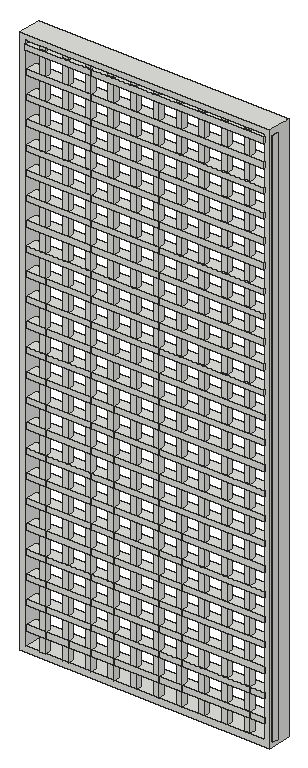
Revit family "НЕВАТОМ_Решетка защитная VR-KP AxB, Версия 1", category Арматура воздуховодов, Revit 2017
Family settings
  Размер круглого соединителя = Использовать диаметр
  Тип детали = Вставляется
  На основе рабочей плоскости = Нет
  Всегда вертикально = Нет
  При загрузке вырезать с полостями = Нет
  Общий = Нет
Parameters (values of type "VR-KP 355-2,2/3000")
  шаг верт = 20 mm
  шаг [instance] = 20 mm
  толщина = 20 mm
  т = 12.5 mm
  материал [instance] = Сталь оцинкованная
  массив горизонт [instance] = 24
  массив верт [instance] = 11
  В1 = 211 mm
  ADSK_Количество = 1  # constant formula
  A ширина = 221 mm
  B длина = 490 mm
  Nevatom_URL = "https://t.me/NEVATOM_Bim_bot"
  ADSK_Позиция = ""
  ADSK_Наименование = "Защитная решетка для козырька "  # constant formula
  ADSK_Марка = "VR-KP-355-2,2/3000"
  ADSK_Код изделия = ""
  ADSK_Завод-изготовитель = "НЕВАТОМ"  # constant formula
  ADSK_Единица измерения = "шт."
  A1 = 480 mm
Types (13, lengths in mm): name | массив горизонт | массив верт | В1 | A ширина | B длина | ADSK_Марка | A1
  (no name) | 24 | 11 | 211 | 221 | 490 | "VR-KP-355-2,2/3000" | 480
  VR-KP 250-0,55/3000 | 19 | 7 | 132 | 142 | 390 | "VR-KP-250-0,55/3000" | 380
  VR-KP 280-0,75/3000 | 19 | 8 | 159 | 169 | 390 | "VR-KP-280-0,75/3000" | 380
  VR-KP 315-1,5/3000 | 24 | 9 | 186 | 196 | 490 | "VR-KP 315-1,5/3000" | 480
  VR-KP 355-2,2/3000 | 24 | 11 | 211 | 221 | 490 | "VR-KP-355-2,2/3000" | 480
  VR-KP 400-0,55/1500 | 31 | 11 | 225 | 235 | 640 | "VR-KP-400-0,55/1500" | 630
  VR-KP 450-0,75/1500 | 31 | 13 | 248 | 258 | 640 | "VR-KP-450-0,75/1500" | 630
  VR-KP 500-0,37/1000 | 39 | 13 | 277 | 287 | 790 | "VR-KP-500-0,37/1000" | 780
  VR-KP 560-1,1/1000 | 39 | 16 | 324 | 334 | 790 | "VR-KP-560-1,1/1000" | 780
  VR-KP 560-3/1500 | 39 | 17 | 334 | 344 | 790 | "VR-KP-560-3/1500" | 780
  VR-KP 630-1,5/1000 | 48 | 17 | 360 | 370 | 990 | "VR-KP-630-1,5/1000" | 980
  VR-KP 630-5,5/1500 | 48 | 19 | 390 | 400 | 990 | "VR-KP-630-5,5/1500" | 980
  VR-KP 710-3/1000 | 48 | 22 | 429 | 439 | 990 | "VR-KP-710-3/1000" | 980
Reference planes
  plane 1 "По центру (Вперед/Назад)": y = 0
  plane 2: z = 0
  plane 3 "По центру (Влево/Вправо)": x = 0
  plane 4: x = -110.5
  plane 5: x = 110.5
  plane 6: z = 245
  plane 7: z = -245
  plane 8: z = -452.5
  plane 9: x = -452.5
  plane 10: x = 452.5
  plane 11: z = 452.5
  plane 12: y = -20
  plane 13: z = 240
  plane 14: z = -240
  plane 15: x = 105.5
  plane 16: x = -105.5
  plane 17: z = -227.5
  plane 18: z = -207.5
  plane 19: x = -93
  plane 20: x = -73
Forms (mm)
  Extrusion 1, solid, material "Сталь оцинкованная" <- "материал"
    sketch origin (0, 0, 0) x (1, 0, 0) y (0, 0, 1)
      loop
        line (-110.5, 245) -> (-110.5, -245) -> (110.5, -245) -> (110.5, 245) -> (-110.5, 245)
      loop
        line (-105.5, 240) -> (-105.5, -240) -> (105.5, -240) -> (105.5, 240) -> (-105.5, 240)
    from 0 to 20
Dimensions and locks
  equal spacing: plane 5, plane 3 "По центру (Влево/Вправо)", plane 4
  equal spacing: plane 6, level, plane 7
  "A ширина": plane 5 to plane 4
  "B длина": plane 6 to plane 7
  equal spacing: plane 10, plane 3 "По центру (Влево/Вправо)", plane 9
  plane 10 to plane 9 = 905 mm
  equal spacing: plane 11, level, plane 8
  locked: plane 11 to plane 8 at 905
  "толщина": plane 1 "По центру (Вперед/Назад)" to plane 12
  equal spacing: plane 16, plane 3 "По центру (Влево/Вправо)", plane 15
  equal spacing: plane 13, level, plane 14
  "В1": plane 16 to plane 15
  "A1": plane 13 to plane 14
  equal spacing: group 1, group 2, group 3, group 4, group 5, group 11, group 12, group 15, group 16, group 17, group 18, group 19, group 20, group 21, group 22, group 23, group 24, group 25, group 26, group 27, group 28, group 29, group 30, group 31  (x2)
  equal spacing: group 31, group 30, group 29, group 28, group 27, group 26, group 25, group 24, group 23, group 22, group 21, group 20, group 19, group 18, group 17, group 16, group 15, group 12, group 11, group 5, group 4, group 3, group 2, group 1
  "шаг": plane 18 to plane 17
  "шаг верт": plane 20 to plane 19
  equal spacing: group 6, group 7, group 8, group 9, group 10, group 13, group 14, group 32, group 33, group 34, group 35  (x3)
  "т": plane 16 to plane 19
  "т": plane 17 to plane 14
  aligned and locked: level to plane 2
  aligned and locked: Extrusion 1 to plane 6
  aligned and locked: Extrusion 1 to plane 5
  aligned and locked: plane 7 to Extrusion 1  (x2)
  aligned and locked: plane 4 to Extrusion 1
  aligned and locked: Extrusion 1 to plane 1 "По центру (Вперед/Назад)"
  aligned and locked: Extrusion 1 to plane 13
  aligned and locked: plane 14 to Extrusion 1
  aligned and locked: Extrusion 1 to plane 16
  aligned and locked: plane 15 to Extrusion 1
  aligned and locked: plane 3 "По центру (Влево/Вправо)" to nested 1
  aligned and locked: nested 1 to plane 12
  aligned and locked: plane 17 to nested 1
  aligned and locked: nested 1 to plane 17
  aligned and locked: nested 2 to plane 18
  aligned and locked: nested 6 to plane 19
  aligned and locked: nested 6 to plane 12
  aligned and locked: plane 13 to nested 6
  aligned and locked: nested 6 to plane 14
  aligned and locked: nested 7 to plane 20
Automatic sketch dimensions
  plane 4 to Extrusion 1 sketch curve = 0 mm
  Extrusion 1 sketch curve to plane 5 = 0 mm
  Extrusion 1 sketch curve to plane 5 = 5 mm
  plane 7 to Extrusion 1 sketch curve = 5 mm
  plane 7 to Extrusion 1 sketch curve = 0 mm
  Extrusion 1 sketch curve to plane 6 = 0 mm
  plane 9 to Extrusion 1 sketch curve = 347 mm
  Extrusion 1 sketch curve to plane 11 = 212.5 mm
Nested families
  nested 1: "НЕВАТОМ_Решетка горизонт, версия 1" at (0, -20, -225), толщина решетки <- "В1", type "НЕВАТОМ_Решетка горизонт, версия 1"
    with ширина решетки 10.367 mm, толщина решетки 211 mm
  nested 2: "НЕВАТОМ_Решетка горизонт, версия 1" at (0, -20.028, -205), толщина решетки <- "В1", type "НЕВАТОМ_Решетка горизонт, версия 1"
    with ширина решетки 10.367 mm, толщина решетки 211 mm
  nested 3: "НЕВАТОМ_Решетка горизонт, версия 1" at (0, -20.056, -185), толщина решетки <- "В1", type "НЕВАТОМ_Решетка горизонт, версия 1"
    with ширина решетки 10.367 mm, толщина решетки 211 mm
  nested 4: "НЕВАТОМ_Решетка горизонт, версия 1" at (0, -20.085, -165), толщина решетки <- "В1", type "НЕВАТОМ_Решетка горизонт, версия 1"
    with ширина решетки 10.367 mm, толщина решетки 211 mm
  nested 5: "НЕВАТОМ_Решетка горизонт, версия 1" at (0, -20.113, -145), толщина решетки <- "В1", type "НЕВАТОМ_Решетка горизонт, версия 1"
    with ширина решетки 10.367 mm, толщина решетки 211 mm
  nested 6: "НЕВАТОМ_Решетка верт, версия 1" at (-90.5, -20, 0), длина решетки верт <- "A1", type "НЕВАТОМ_Решетка верт, версия 1"
    with ширина решетки 5 mm, толщина решетки верт 5 mm, длина решетки верт 480 mm
  nested 7: "НЕВАТОМ_Решетка верт, версия 1" at (-70.5, -19.897, 0), длина решетки верт <- "A1", type "НЕВАТОМ_Решетка верт, версия 1"
    with ширина решетки 5 mm, толщина решетки верт 5 mm, длина решетки верт 480 mm
  nested 8: "НЕВАТОМ_Решетка верт, версия 1" at (-50.5, -19.795, 0), длина решетки верт <- "A1", type "НЕВАТОМ_Решетка верт, версия 1"
    with ширина решетки 5 mm, толщина решетки верт 5 mm, длина решетки верт 480 mm
  nested 9: "НЕВАТОМ_Решетка верт, версия 1" at (-30.5, -19.692, 0), длина решетки верт <- "A1", type "НЕВАТОМ_Решетка верт, версия 1"
    with ширина решетки 5 mm, толщина решетки верт 5 mm, длина решетки верт 480 mm
  nested 10: "НЕВАТОМ_Решетка верт, версия 1" at (-10.5, -19.589, 0), длина решетки верт <- "A1", type "НЕВАТОМ_Решетка верт, версия 1"
    with ширина решетки 5 mm, толщина решетки верт 5 mm, длина решетки верт 480 mm
  nested 11: "НЕВАТОМ_Решетка горизонт, версия 1" at (0, -20.141, -125), толщина решетки <- "В1", type "НЕВАТОМ_Решетка горизонт, версия 1"
    with ширина решетки 10.367 mm, толщина решетки 211 mm
  nested 12: "НЕВАТОМ_Решетка горизонт, версия 1" at (0, -20.169, -105), толщина решетки <- "В1", type "НЕВАТОМ_Решетка горизонт, версия 1"
    with ширина решетки 10.367 mm, толщина решетки 211 mm
  nested 13: "НЕВАТОМ_Решетка верт, версия 1" at (9.5, -19.486, 0), длина решетки верт <- "A1", type "НЕВАТОМ_Решетка верт, версия 1"
    with ширина решетки 5 mm, толщина решетки верт 5 mm, длина решетки верт 480 mm
  nested 14: "НЕВАТОМ_Решетка верт, версия 1" at (29.5, -19.384, 0), длина решетки верт <- "A1", type "НЕВАТОМ_Решетка верт, версия 1"
    with ширина решетки 5 mm, толщина решетки верт 5 mm, длина решетки верт 480 mm
  nested 15: "НЕВАТОМ_Решетка горизонт, версия 1" at (0, -20.198, -85), толщина решетки <- "В1", type "НЕВАТОМ_Решетка горизонт, версия 1"
    with ширина решетки 10.367 mm, толщина решетки 211 mm
  nested 16: "НЕВАТОМ_Решетка горизонт, версия 1" at (0, -20.226, -65), толщина решетки <- "В1", type "НЕВАТОМ_Решетка горизонт, версия 1"
    with ширина решетки 10.367 mm, толщина решетки 211 mm
  nested 17: "НЕВАТОМ_Решетка горизонт, версия 1" at (0, -20.254, -45), толщина решетки <- "В1", type "НЕВАТОМ_Решетка горизонт, версия 1"
    with ширина решетки 10.367 mm, толщина решетки 211 mm
  nested 18: "НЕВАТОМ_Решетка горизонт, версия 1" at (0, -20.282, -25), толщина решетки <- "В1", type "НЕВАТОМ_Решетка горизонт, версия 1"
    with ширина решетки 10.367 mm, толщина решетки 211 mm
  nested 19: "НЕВАТОМ_Решетка горизонт, версия 1" at (0, -20.311, -5), толщина решетки <- "В1", type "НЕВАТОМ_Решетка горизонт, версия 1"
    with ширина решетки 10.367 mm, толщина решетки 211 mm
  nested 20: "НЕВАТОМ_Решетка горизонт, версия 1" at (0, -20.339, 15), толщина решетки <- "В1", type "НЕВАТОМ_Решетка горизонт, версия 1"
    with ширина решетки 10.367 mm, толщина решетки 211 mm
  nested 21: "НЕВАТОМ_Решетка горизонт, версия 1" at (0, -20.367, 35), толщина решетки <- "В1", type "НЕВАТОМ_Решетка горизонт, версия 1"
    with ширина решетки 10.367 mm, толщина решетки 211 mm
  nested 22: "НЕВАТОМ_Решетка горизонт, версия 1" at (0, -20.395, 55), толщина решетки <- "В1", type "НЕВАТОМ_Решетка горизонт, версия 1"
    with ширина решетки 10.367 mm, толщина решетки 211 mm
  nested 23: "НЕВАТОМ_Решетка горизонт, версия 1" at (0, -20.423, 75), толщина решетки <- "В1", type "НЕВАТОМ_Решетка горизонт, версия 1"
    with ширина решетки 10.367 mm, толщина решетки 211 mm
  nested 24: "НЕВАТОМ_Решетка горизонт, версия 1" at (0, -20.452, 95), толщина решетки <- "В1", type "НЕВАТОМ_Решетка горизонт, версия 1"
    with ширина решетки 10.367 mm, толщина решетки 211 mm
  nested 25: "НЕВАТОМ_Решетка горизонт, версия 1" at (0, -20.48, 115), толщина решетки <- "В1", type "НЕВАТОМ_Решетка горизонт, версия 1"
    with ширина решетки 10.367 mm, толщина решетки 211 mm
  nested 26: "НЕВАТОМ_Решетка горизонт, версия 1" at (0, -20.508, 135), толщина решетки <- "В1", type "НЕВАТОМ_Решетка горизонт, версия 1"
    with ширина решетки 10.367 mm, толщина решетки 211 mm
  nested 27: "НЕВАТОМ_Решетка горизонт, версия 1" at (0, -20.536, 155), толщина решетки <- "В1", type "НЕВАТОМ_Решетка горизонт, версия 1"
    with ширина решетки 10.367 mm, толщина решетки 211 mm
  nested 28: "НЕВАТОМ_Решетка горизонт, версия 1" at (0, -20.565, 175), толщина решетки <- "В1", type "НЕВАТОМ_Решетка горизонт, версия 1"
    with ширина решетки 10.367 mm, толщина решетки 211 mm
  nested 29: "НЕВАТОМ_Решетка горизонт, версия 1" at (0, -20.593, 195), толщина решетки <- "В1", type "НЕВАТОМ_Решетка горизонт, версия 1"
    with ширина решетки 10.367 mm, толщина решетки 211 mm
  nested 30: "НЕВАТОМ_Решетка горизонт, версия 1" at (0, -20.621, 215), толщина решетки <- "В1", type "НЕВАТОМ_Решетка горизонт, версия 1"
    with ширина решетки 10.367 mm, толщина решетки 211 mm
  nested 31: "НЕВАТОМ_Решетка горизонт, версия 1" at (0, -20.649, 235), толщина решетки <- "В1", type "НЕВАТОМ_Решетка горизонт, версия 1"
    with ширина решетки 10.367 mm, толщина решетки 211 mm
  nested 32: "НЕВАТОМ_Решетка верт, версия 1" at (49.5, -19.281, 0), длина решетки верт <- "A1", type "НЕВАТОМ_Решетка верт, версия 1"
    with ширина решетки 5 mm, толщина решетки верт 5 mm, длина решетки верт 480 mm
  nested 33: "НЕВАТОМ_Решетка верт, версия 1" at (69.5, -19.178, 0), длина решетки верт <- "A1", type "НЕВАТОМ_Решетка верт, версия 1"
    with ширина решетки 5 mm, толщина решетки верт 5 mm, длина решетки верт 480 mm
  nested 34: "НЕВАТОМ_Решетка верт, версия 1" at (89.5, -19.075, 0), длина решетки верт <- "A1", type "НЕВАТОМ_Решетка верт, версия 1"
    with ширина решетки 5 mm, толщина решетки верт 5 mm, длина решетки верт 480 mm
  nested 35: "НЕВАТОМ_Решетка верт, версия 1" at (109.5, -18.973, 0), длина решетки верт <- "A1", type "НЕВАТОМ_Решетка верт, версия 1"
    with ширина решетки 5 mm, толщина решетки верт 5 mm, длина решетки верт 480 mm
Connectors
  hvac at (0, -20, 0), driven by "A1", driven by "В1"
    settings: on Extrusion 1, index 1, duct flow 0.0 L/s, flow factor 0, pres drop 0.0 Pa, loss coef 0, conn angle 0.00°, conn width 211 mm, conn height 480 mm, conn diameter 609.6 mm, duct sys type 29, conn prof type 1, flow config 0, flow direction 0, loss method 0, conn ref index -1, conn util no, is conn primary yes, conn desc ""
Definition of nested family "НЕВАТОМ_Решетка горизонт, версия 1"
  Parameters (values of type "НЕВАТОМ_Решетка горизонт, версия 1")
    ширина решетки [instance] = 5 mm
    толщина решетки [instance] = 140 mm
    длина решетки = 5 mm
  Reference planes
    plane 1 "По центру (Вперед/Назад)": y = 0
    plane 2: z = 0
    plane 3 "По центру (Влево/Вправо)": x = 0
    plane 4: x = -70
    plane 5: x = 70
    plane 6: z = 2.5
    plane 7: z = -2.5
    plane 8: y = 5
  Forms (mm)
    Extrusion 1, solid
      sketch origin (0, 0, 0) x (1, 0, 0) y (0, 0, 1)
        loop
          line (-70, 2.5) -> (-70, -2.5) -> (70, -2.5) -> (70, 2.5) -> (-70, 2.5)
      from 0 to -5
  Dimensions and locks
    equal spacing: plane 5, plane 3 "По центру (Влево/Вправо)", plane 4
    equal spacing: plane 6, level, plane 7
    "длина решетки": plane 6 to plane 7
    "толщина решетки": plane 5 to plane 4
    "ширина решетки": plane 1 "По центру (Вперед/Назад)" to plane 8
    aligned and locked: level to plane 2
    aligned and locked: Extrusion 1 sketch curve to plane 6
    aligned and locked: plane 7 to Extrusion 1 sketch curve
    aligned and locked: plane 4 to Extrusion 1 sketch curve
    aligned and locked: Extrusion 1 sketch curve to plane 5
    aligned and locked: plane 8 to Extrusion 1
Definition of nested family "НЕВАТОМ_Решетка верт, версия 1"
  Parameters (values of type "НЕВАТОМ_Решетка верт, версия 1")
    ширина решетки [instance] = 5 mm
    толщина решетки верт [instance] = 10 mm
    длина решетки верт [instance] = 140 mm
  Reference planes
    plane 1 "По центру (Вперед/Назад)": y = 0
    plane 2: z = 0
    plane 3 "По центру (Влево/Вправо)": x = 0
    plane 4: z = 70
    plane 5: z = -70
    plane 6: x = -5
    plane 7: x = 5
    plane 8: y = 5
  Forms (mm)
    Extrusion 1, solid
      sketch origin (0, 0, 0) x (1, 0, 0) y (0, 0, 1)
        loop
          line (-5, 70) -> (-5, -70) -> (5, -70) -> (5, 70) -> (-5, 70)
      from -5 to 0
  Dimensions and locks
    "ширина решетки": plane 1 "По центру (Вперед/Назад)" to plane 8
    equal spacing: plane 7, plane 3 "По центру (Влево/Вправо)", plane 6
    equal spacing: plane 4, level, plane 5
    "толщина решетки верт": plane 7 to plane 6
    "длина решетки верт": plane 4 to plane 5
    aligned and locked: level to plane 2
    aligned and locked: Extrusion 1 sketch curve to plane 4
    aligned and locked: plane 6 to Extrusion 1 sketch curve
    aligned and locked: plane 5 to Extrusion 1 sketch curve
    aligned and locked: Extrusion 1 sketch curve to plane 7
    aligned and locked: plane 8 to Extrusion 1
    aligned and locked: plane 1 "По центру (Вперед/Назад)" to Extrusion 1
